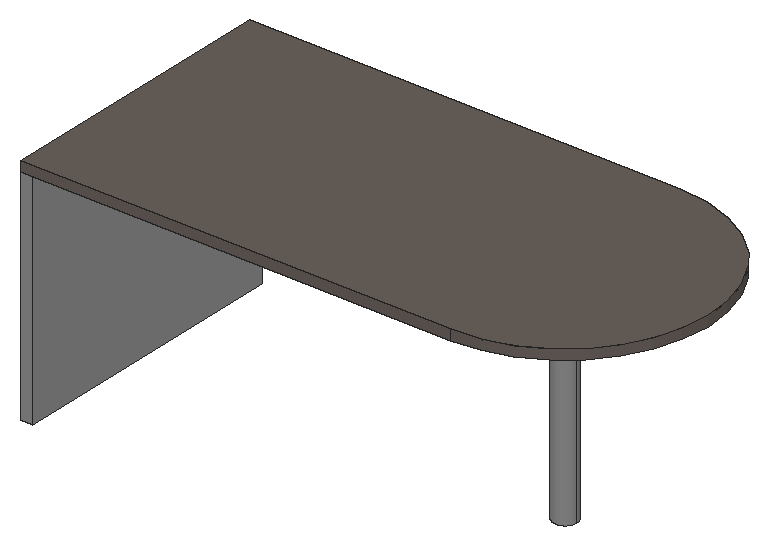
Revit family "Haworth_XSeries_ConvergentDTop", category Furniture Systems, Revit 2018
Family settings
  Round Connector Dimension = Use Diameter
  Part Type = Normal
  OmniClass Number = 23.40.70.14.64.21
  OmniClass Title = Systems Furniture
  Work Plane-Based = No
  Always vertical = Yes
  Cut with Voids When Loaded = No
  Shared = No
  Room Calculation Point = No
Parameters (values of type "36d 72w 29h")
  Worksurface Finish [instance] = Haworth _ Laminate _ Columbian Walnut H-KG
  Warranty = "http://www.haworth.com/resources/product-info/warranties"
  URL - Product = "https://www.haworth.com/na/en/products/storage-based/x-series-desks.html"
  Support Position = Actual Depth / 2  # 18"
  Post Finish [instance] = Haworth _ Paint _ Graphite
  End Panel Finish [instance] = Haworth _ Paint _ Graphite
  End Panel = yes
  Sustainability Info = "https://www.haworth.com/na/en/expertise/sustainability.html"
  Standard Depths = "24, 30, 36 in."  # constant formula
  Model = "JDDL-xx72"  # constant formula
  Width = 72"
  URL = "http://www.haworth.com/"
  Size = "Verify Final Dim. w/ Haworth"  # constant formula
  Revision Number = "3"  # constant formula
  Min. Width = 48"  # constant formula
  Min. Depth = 24"  # constant formula
  Max. Width = 72"  # constant formula
  Max. Depth = 48"  # constant formula
  Manufacturer = "Haworth"  # constant formula
  Edge Finish [instance] = Haworth _ Laminate _ Columbian Walnut H-KG
  Description = "Haworth XSeries Convergent DTop"  # constant formula
  Depth = 36"
  Custom Size = not(or(Width = 60", Width = 72"))  # no
  Column Support = yes
  Author = "Haworth (Hampton)"  # constant formula
  Assembly Code = "E2020200"
  Actual Width = if(Width < Min. Width, Min. Width, if(Width > Max. Width, Max. Width, Width))  # 72"
  Actual Height = 29 1/8"  # constant formula
  Standard Widths = "48, 54, 60, 66, 72 in."  # constant formula
  Actual Depth = if(Depth < Min. Depth, Min. Depth, if(Depth > Max. Depth, Max. Depth, Depth))  # 36"
Types (3): name | Support Position | Depth | Actual Depth
  30d 72w 29h | 15" | 30" | 30"
  24d 72w 29h | 12" | 24" | 24"
  36d 72w 29h | 18" | 36" | 36"
Reference planes (in)
  plane 1 "Back": y = -10
  plane 2: z = 0
  plane 3 "Center": x = 29.0625
  plane 4 "Top": z = 29.125
  plane 5 "Bottom of Top": z = 27.875
  plane 6 "Front": y = -46
  plane 7 "Left Side": x = -6.9375
  plane 8 "Right Side": x = 65.0625
  plane 9 "One High Bottom": z = 0
  plane 10: y = -28
  plane 11: x = -5.40625
  plane 12: x = 47.0625
Forms (in)
  Extrusion 1, solid, material "Haworth _ Laminate _ Columbian Walnut H-KG" <- "Worksurface Finish"
    sketch origin (0, 0, 29.125) x (0, 1, 0) y (-1, 0, 0)
      loop
        line (-46, 6.9375) -> (-46, -47.0625)
        arc (-46, -47.0625) -> (-28, -65.0625) -> (-10, -47.0625) r 18
        line (-10, -47.0625) -> (-10, 6.9375) -> (-46, 6.9375)
    from 0 to -1.25
  Extrusion 2, solid, material "Haworth _ Paint _ Graphite" <- "End Panel Finish", visible <- "End Panel"
    sketch origin (-12.9375, 20.31207, 48) x (0, 1, 0) y (0, 0, -1)
      loop
        line (-30.31207, 20.125) -> (-30.31207, 48) -> (-66.31207, 48) -> (-66.31207, 20.125) -> (-30.31207, 20.125)
    from -7.53125 to -6
  Extrusion 3, solid, material "Haworth _ Paint _ Graphite" <- "Post Finish", visible <- "Column Support"
    sketch origin (0, 0, 0) x (1, 0, 0) y (0, 1, 0)
      loop
        circle (47.0625, -28) r 1.5
    from 0 to 27.875
Lines and regions (in)
  Masking region 1
    outline origin (0, 0, 27.875) x (0, 1, 0) y (-1, 0, 0)
      loop
        line (-10, -47.0625) -> (-10, 6.9375) -> (-46, 6.9375) -> (-46, -47.0625)
        arc (-46, -47.0625) -> (-28, -65.0625) -> (-10, -47.0625) r 18
  symbolic lines, style "Haworth Hidden", visible <- "End Panel", detail levels fine
    curve 1: line (-5.40625, -46, 0) -> (-5.40625, -10, 0)
    curve 2: line (-5.40625, -27.625, 0) -> (-5.40625, -28.375, 0)
Dimensions and locks (in)
  "Actual Height": plane 4 "Top" to level
  "Actual Depth": plane 1 "Back" to plane 6 "Front"
  equal spacing: plane 7 "Left Side", plane 3 "Center", plane 8 "Right Side"
  "Actual Width": plane 7 "Left Side" to plane 8 "Right Side"
  locked: plane 4 "Top" to plane 5 "Bottom of Top" at 1.25
  locked: plane 9 "One High Bottom" to level
  locked: plane 7 "Left Side" to plane 11 at 1.53125
  "Support Position": plane 10 to plane 6 "Front"
  "Support Position": plane 12 to plane 8 "Right Side"
  aligned and locked: level to plane 2
  aligned and locked: Extrusion 1 to plane 5 "Bottom of Top"
  aligned and locked: plane 1 "Back" to Extrusion 1 sketch curve
  aligned and locked: Extrusion 1 to Masking region 1 sketch curve
  aligned and locked: Masking region 1 sketch curve to Extrusion 1  (x2)
  aligned and locked: curve 1 to plane 11
  aligned and locked: Extrusion 2 to plane 7 "Left Side"
  aligned and locked: Extrusion 2 to plane 11
  aligned and locked: Extrusion 2 to plane 1 "Back"
  aligned and locked: Extrusion 2 to plane 6 "Front"
  aligned and locked: plane 5 "Bottom of Top" to Extrusion 3
  aligned and locked: Extrusion 3 to level
Automatic sketch dimensions
  Extrusion 2 sketch curve to plane 5 "Bottom of Top" = 0"
  Extrusion 2 sketch curve to plane 9 "One High Bottom" = 0"
  Extrusion 2 sketch curve to plane 6 "Front" = 0"
  Extrusion 2 sketch curve to plane 1 "Back" = 0"
  Masking region 1 sketch curve to plane 12 = 0"
  Extrusion 1 sketch curve to plane 6 "Front" = 0"
  Extrusion 1 sketch curve to plane 12 = 0"
  Extrusion 1 sketch curve to plane 7 "Left Side" = 0"
  curve 2 to plane 11 = 0"
  curve 1 to plane 6 "Front" = 0"
  plane 1 "Back" to curve 1 = 0"
  curve 2 to plane 10 = 3/8"
  plane 10 to curve 2 = 3/8"
  Extrusion 3 sketch curve to plane 10 = 0"
  Extrusion 3 sketch curve to plane 12 = 0"
  radius of Extrusion 3 sketch curve = 1 1/2"
